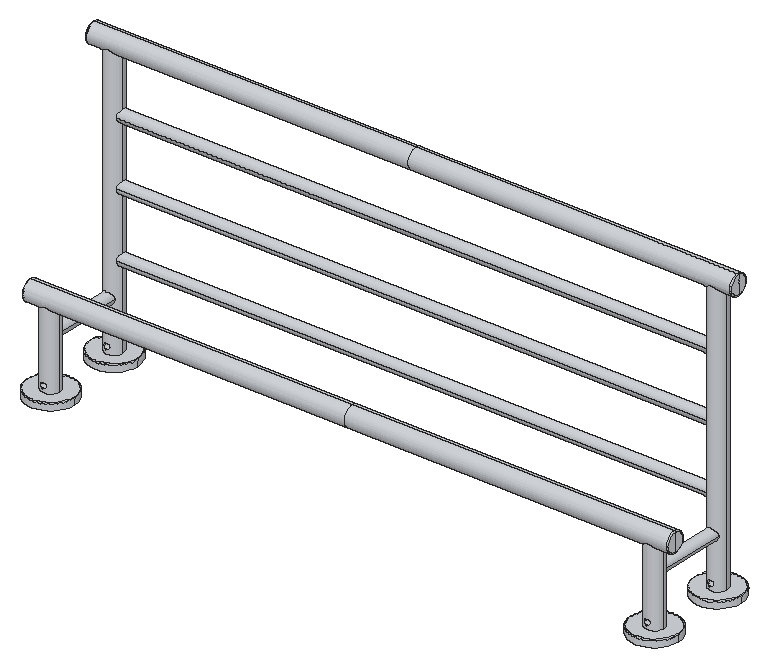
Revit family "Accessory-Towel_Bar-KOHLER-STILLNESS-K-14397T_1", category Specialty Equipment, host Face, Revit 2017
Family settings
  Host = Face
  Round Connector Dimension = Use Diameter
  Part Type = Normal
  OmniClass Number = 23.31.25.00
  Cut with Voids When Loaded = No
  Shared = No
  Room Calculation Point = No
Parameters (values of type "CP-Polished Chrome")
  Width = 24.01575"  # constant formula
  WaterSense Certified = 1 = 0  # no
  URL = "http://www.kohler.com.cn/"
  Type = 1
  Product Page URL = "https://www.kohler.com.cn/product/K-14397T-CP/K-14397T-CP/"
  Product Name = "STILLNESS"  # constant formula
  Product Documentation Link = "https://files.kohler.com.cn/pdfs/inst_stillness.pdf"
  Model = if(Type = 1, "K-14397T-CP", if(Type = 2, "K-14397T-SN", if(Type = 3, "K-14397T-BN", if(Type = 4, "K-14397T-PGD", if(Type = 5, "K-14397T-RGD", if(Type = 6, "K-14397T-BGD", "NA"))))))  # "K-14397T-CP"
  Material = "Solid Metal Construction"  # constant formula
  Master Format 2014 Name = "Toilet, Bath, and Laundry Accessories"  # constant formula
  Master Format 2014 = "10 28 00"  # constant formula
  Manufacturer Address = "Kohler Beijing Office (100016) 36-2-03-B, No. 88, Liuxiang Road, Beijing"  # constant formula
  Manufacturer = "KOHLER Co."  # constant formula
  Length = 11 177/256"  # constant formula
  Height = 3 19/128"  # constant formula
  Finish = Kohler-Metal-CP-Polished_Chrome
  Environmental Product Declaration = ""
  Description = "Double Towel Bar"  # constant formula
  Default Elevation = 42"
  Declare Label = ""
  Date Modified = "09/07/2020"  # constant formula
  Date Created = "09/07/2020"  # constant formula
  Copyright = "Copyright KOHLER Co."  # constant formula
  Contact Us = "http://www.kohler.com.cn/contact/contact-us/"
  Assembly Code = "C1030200"
  ADA Compliant = 1 = 0  # no
Types (7): name | Type | Product Page URL | Model | Finish
  (no name) | 1 | "https://www.kohler.com.cn/product/K-14397T-CP/K-14397T-CP/" | "K-14397T-CP" | Kohler-Metal-CP-Polished_Chrome
  CP-Polished Chrome | 1 | "https://www.kohler.com.cn/product/K-14397T-CP/K-14397T-CP/" | "K-14397T-CP" | Kohler-Metal-CP-Polished_Chrome
  SN-Vibrant_Polished_Nickel | 2 | "https://www.kohler.com.cn/product/K-14397T-CP/K-14397T-SN/" | "K-14397T-SN" | Kohler-Metal-SN-Vibrant_Polished_Nickel
  BN-Vibrant_Brushed_Nickel | 3 | "https://www.kohler.com.cn/product/K-14397T-CP/K-14397T-BN/" | "K-14397T-BN" | Kohler-Metal-BN-Vibrant_Brushed_Nickel
  PGD-Modern_Polished_Gold | 4 | "https://www.kohler.com.cn/product/K-14397T-CP/K-14397T-PGD/" | "K-14397T-PGD" | Kohler-Metal-PGD-Modern_Polished_Gold
  RGD-Polished_Rose_Gold | 5 | "https://www.kohler.com.cn/product/K-14397T-CP/K-14397T-RGD/" | "K-14397T-RGD" | Kohler-Metal-RGD-Polished_Rose_Gold
  BGD-Romankin | 6 | "https://www.kohler.com.cn/product/K-14397T-CP/K-14397T-BGD/" | "K-14397T-BGD" | Kohler-Metal-BGD-Romankin
Reference planes (in)
  plane 1 "Center (Front/Back)": y = 0
  plane 2: z = 0
  plane 3 "Center (Left/Right)": x = 0
  plane 4: x = -12.83398
  plane 5: x = 12.83398
  plane 6: y = 3.14844
  plane 7: z = 11.69141
  plane 8: x = -12.00787
  plane 9: x = -12.95276
  plane 10: x = -11.06299
  plane 11: x = 12.00787
  plane 12: x = 12.95276
  plane 13: x = 11.06299
  plane 14: y = 0.39448
  plane 15: y = -0.39448
  plane 16: y = 3.54409
  plane 17: y = 2.75279
  plane 18: y = 1.5748
  plane 19: y = -0.9448
  plane 20: y = 0.9448
  plane 21: y = 4.09441
  plane 22: y = 2.2048
  plane 23: z = 0.27534
  plane 24: z = 2.2457
  plane 25: z = 3.89764
  plane 26: z = 3.62226
  plane 27: z = 3.50329
  plane 28: z = 6.18119
  plane 29: z = 8.73908
  plane 30: z = 11.29771
  plane 31: x = 12.36219
  plane 32: x = 11.65356
  plane 33: x = -12.36219
  plane 34: x = -11.65356
Dimensions and locks (in)
  equal spacing: plane 4, plane 3 "Center (Left/Right)", plane 5
  "Width": plane 8 to plane 11
  plane 4 to plane 5 = 25 171/256"
  "Height": plane 1 "Center (Front/Back)" to plane 6
  "Length": level to plane 7
  locked: plane 21 to plane 22 at 1.88961
  locked: plane 20 to plane 19 at 1.88961
  plane 25 to level = 3.89764"
  locked: plane 24 to level at 2.2457
  level to plane 27 = 3.50329"
  level to plane 26 = 3.62226"
  level to plane 28 = 6.18119"
  level to plane 29 = 8.73908"
  level to plane 30 = 11.29771"
  aligned and locked: plane 2 to host face
  aligned and locked: level to host face
Automatic sketch dimensions
  host sketch curve to host sketch curve = 96"  (x2)
Nested families (in)
  nested 1: "K-14397T" at (0, 3.14961, 0), type "K-14397T"
Definition of nested family "K-14397T"
  Parameters (values of type "K-14397T")
    Material = none
  Reference planes (in)
    plane 1 "Center (Front/Back)": y = 0
    plane 2: z = 0
    plane 3 "Center (Left/Right)": x = 0
    plane 4: x = -12.00787
    plane 5: x = 12.00787
    plane 6: x = -12.83465
    plane 7: x = 12.83465
    plane 8: z = 11.69291
    plane 9: y = -3.14961
    plane 10: z = 3.89764
    plane 11: x = 12.95276
    plane 12: x = 11.06299
    plane 13: x = -11.06299
    plane 14: x = -12.95276
    plane 15: y = -1.5748
  Forms (in)
    Sweep 1, solid, material <- "Material", detail levels medium+fine
      path origin (0, 0, 0) x (1, 0, 0) y (0, 1, 0)
        loop
          circle (-12.00787, 0) r 0.9252
      profile origin (-12.00787, 0.9252, 0) x (0, -1, 0) y (0, 0, 1)
        loop
          line (-0.0196, 0) -> (0.03171, 0) -> (0.03171, 0.27559) -> (0.00046, 0.27559)
          arc (0.00046, 0.27559) -> (-0.01372, 0.26972) -> (-0.0196, 0.25553) r 0.02006
          line (-0.0196, 0.25553) -> (-0.0196, 0)
    Extrusion 2, solid, material <- "Material", detail levels medium+fine
      sketch origin (0, 0, 0) x (1, 0, 0) y (0, 1, 0)
        loop
          circle (-12.00787, 0) r 0.8935
      from 0 to 0.27559
    Sweep 3, solid, material <- "Material", detail levels medium+fine
      path origin (0, -3.14961, 0) x (1, 0, 0) y (0, -1, 0)
        loop
          circle (-12.00787, 0) r 0.9252
      profile origin (-12.00787, -4.07481, 0) x (0, -1, 0) y (0, 0, 1)
        loop
          line (0.0196, 0) -> (0.0196, 0.25553)
          arc (0.0196, 0.25553) -> (0.01372, 0.26972) -> (-0.00046, 0.27559) r 0.02006
          line (-0.00046, 0.27559) -> (-0.03171, 0.27559) -> (-0.03171, 0) -> (0.0196, 0)
    Extrusion 4, solid, material <- "Material", detail levels medium+fine
      sketch origin (0, -3.14961, 0) x (1, 0, 0) y (0, 1, 0)
        loop
          circle (-12.00787, 0) r 0.8935
      from 0 to 0.27559
    Sweep 5, solid, material <- "Material", detail levels medium+fine
      path origin (0, 0, 0) x (-1, 0, 0) y (0, 1, 0)
        loop
          circle (-12.00787, 0) r 0.9252
      profile origin (12.00787, 0.9252, 0) x (0, 1, 0) y (0, 0, 1)
        loop
          line (0.0196, 0) -> (0.0196, 0.25553)
          arc (0.0196, 0.25553) -> (0.01372, 0.26972) -> (-0.00046, 0.27559) r 0.02006
          line (-0.00046, 0.27559) -> (-0.03171, 0.27559) -> (-0.03171, 0) -> (0.0196, 0)
    Extrusion 6, solid, material <- "Material", detail levels medium+fine
      sketch origin (0, 0, 0) x (-1, 0, 0) y (0, -1, 0)
        loop
          circle (-12.00787, 0) r 0.8935
      from 0 to 0.27559
    Sweep 7, solid, material <- "Material", detail levels medium+fine
      path origin (0, -3.14961, 0) x (-1, 0, 0) y (0, -1, 0)
        loop
          circle (-12.00787, 0) r 0.9252
      profile origin (12.00787, -4.07481, 0) x (0, 1, 0) y (0, 0, 1)
        loop
          line (-0.0196, 0) -> (0.03171, 0) -> (0.03171, 0.27559) -> (0.00046, 0.27559)
          arc (0.00046, 0.27559) -> (-0.01372, 0.26972) -> (-0.0196, 0.25553) r 0.02006
          line (-0.0196, 0.25553) -> (-0.0196, 0)
    Extrusion 8, solid, material <- "Material", detail levels medium+fine
      sketch origin (0, -3.14961, 0) x (-1, 0, 0) y (0, -1, 0)
        loop
          circle (-12.00787, 0) r 0.8935
      from 0 to 0.27559
    Extrusion 9, solid, material <- "Material", detail levels medium+fine
      sketch origin (0, 0, 0) x (1, 0, 0) y (0, 1, 0)
        loop
          circle (-12.00787, 0) r 0.35552
        loop
          circle (12.00787, 0) r 0.35552
      from 0 to 11.22104
    Extrusion 10, solid, material <- "Material", detail levels medium+fine
      sketch origin (0, 0, 0) x (1, 0, 0) y (0, 1, 0)
        loop
          circle (-12.00787, -3.14961) r 0.35547
        loop
          circle (12.00787, -3.14961) r 0.35547
      from 0 to 3.44147
    Extrusion 11, solid, material <- "Material", detail levels medium+fine
      sketch origin (0, 0, 0) x (1, 0, 0) y (0, 0, 1)
        loop
          circle (-12.00787, 2.24453) r 0.23999
        loop
          circle (12.00787, 2.24453) r 0.23999
      from 0 to 3.14961
    Extrusion 12, solid, material <- "Material", detail levels medium+fine
      sketch origin (0, 0, 0) x (0, 1, 0) y (0, 0, 1)
        loop
          circle (0, 8.73908) r 0.24265
        loop
          circle (0, 6.18119) r 0.24088
        loop
          circle (0, 3.62226) r 0.24097
      from -12.16535 to 12
    Extrusion 13, void
      sketch origin (0, 0, 0) x (1, 0, 0) y (0, 0, 1)
        loop
          circle (-12.00787, 0.52931) r 0.1209
      from 3.2322 to 4.09836
    Extrusion 14, void
      sketch origin (0, -4.13442, 0.00021) x (1, 0, 0) y (0, 0, -1)
        loop
          circle (-12.00787, -0.52931) r 0.1209
      from 3.2322 to 4.09836
    Extrusion 15, void
      sketch origin (0, 0, 0) x (-1, 0, 0) y (0, 0, -1)
        loop
          circle (-12.00787, -0.52931) r 0.1209
      from 3.2322 to 4.09836
    Extrusion 16, void
      sketch origin (0, -4.13442, 0.00021) x (-1, 0, 0) y (0, 0, 1)
        loop
          circle (-12.00787, 0.52931) r 0.1209
      from 3.2322 to 4.09836
    Revolve 17, solid, material <- "Material", detail levels medium+fine
      sketch origin (0, 0, 0) x (1, 0, 0) y (0, 0, 1)
        loop
          line (0, 11.69291) -> (-12.79563, 11.69291)
          arc (-12.79563, 11.69291) -> (-12.82322, 11.68149) -> (-12.83465, 11.6539) r 0.03902
          line (-12.83465, 11.6539) -> (-12.83465, 11.29922) -> (0, 11.29922) -> (12.83465, 11.29922) -> (12.83465, 11.6539)
          arc (12.83465, 11.6539) -> (12.82322, 11.68149) -> (12.79563, 11.69291) r 0.03902
          line (12.79563, 11.69291) -> (0, 11.69291)
        axis (12.83465, 11.29922) -> (-12.83465, 11.29922)
      angle from 0 to 360
    Revolve 18, solid, material <- "Material", detail levels medium+fine
      sketch origin (0, -3.14961, 12.91368) x (0, 0, 1) y (-1, 0, 0)
        loop
          line (-9.01604, 0.00225) -> (-9.01604, 12.79558)
          arc (-9.01604, 12.79558) -> (-9.02748, 12.8232) -> (-9.0551, 12.83465) r 0.03906
          line (-9.0551, 12.83465) -> (-9.41048, 12.83465) -> (-9.41048, 0) -> (-9.41048, -12.83465) -> (-9.0551, -12.83465)
          arc (-9.0551, -12.83465) -> (-9.02748, -12.8232) -> (-9.01604, -12.79558) r 0.03906
          line (-9.01604, -12.79558) -> (-9.01604, 0.00225)
        axis (-9.41048, -12.83465) -> (-9.41048, 12.83465)
      angle from 0 to 360
    Extrusion 19, solid, material <- "Material", detail levels coarse
      sketch origin (0, 0, 0) x (1, 0, 0) y (0, 1, 0)
        loop
          arc (-11.14937, 0.39448) -> (-12.20978, 0.92298) -> (-12.95268, 0) r 0.9448
          arc (-12.95268, 0) -> (-12.75585, -0.57723) -> (-12.24736, -0.91395) r 0.9448
          arc (-12.24736, -0.91395) -> (-12.00787, -0.9448) -> (-11.76838, -0.91395) r 0.9448
          arc (-11.76838, -0.91395) -> (-11.40054, -0.72374) -> (-11.14937, -0.39448) r 0.9448
          arc (-11.14937, -0.39448) -> (-11.06307, 0) -> (-11.14937, 0.39448) r 0.9448
        loop
          arc (-11.14937, -3.54409) -> (-11.06307, -3.14961) -> (-11.14937, -2.75512) r 0.9448
          arc (-11.14937, -2.75512) -> (-11.40054, -2.42587) -> (-11.76838, -2.23566) r 0.9448
          arc (-11.76838, -2.23566) -> (-12.00787, -2.2048) -> (-12.24736, -2.23566) r 0.9448
          arc (-12.24736, -2.23566) -> (-12.75585, -2.57238) -> (-12.95268, -3.14961) r 0.9448
          arc (-12.95268, -3.14961) -> (-12.20978, -4.07258) -> (-11.14937, -3.54409) r 0.9448
        loop
          arc (11.14937, 0.39448) -> (11.06307, 0) -> (11.14937, -0.39448) r 0.9448
          arc (11.14937, -0.39448) -> (11.40054, -0.72374) -> (11.76838, -0.91395) r 0.9448
          arc (11.76838, -0.91395) -> (12.00787, -0.9448) -> (12.24736, -0.91395) r 0.9448
          arc (12.24736, -0.91395) -> (12.75585, -0.57723) -> (12.95268, 0) r 0.9448
          arc (12.95268, 0) -> (12.20978, 0.92298) -> (11.14937, 0.39448) r 0.9448
        loop
          arc (11.14937, -3.54409) -> (12.20978, -4.07258) -> (12.95268, -3.14961) r 0.9448
          arc (12.95268, -3.14961) -> (12.75585, -2.57238) -> (12.24736, -2.23566) r 0.9448
          arc (12.24736, -2.23566) -> (12.00787, -2.2048) -> (11.76838, -2.23566) r 0.9448
          arc (11.76838, -2.23566) -> (11.40054, -2.42587) -> (11.14937, -2.75512) r 0.9448
          arc (11.14937, -2.75512) -> (11.06307, -3.14961) -> (11.14937, -3.54409) r 0.9448
      from 0 to 0.27559
    Extrusion 20, solid, material <- "Material", detail levels coarse
      sketch origin (0, 0, 0) x (1, 0, 0) y (0, 1, 0)
        loop
          circle (-12.00787, 0) r 0.35552
        loop
          circle (12.00787, 0) r 0.35552
      from 0 to 11.21866
    Extrusion 21, solid, material <- "Material", detail levels coarse
      sketch origin (0, 0, 0) x (1, 0, 0) y (0, 1, 0)
        loop
          circle (-12.00787, -3.14961) r 0.35547
        loop
          circle (12.00787, -3.14961) r 0.35547
      from 0 to 3.4665
    Extrusion 22, solid, material <- "Material", detail levels coarse
      sketch origin (0, 0, 0) x (1, 0, 0) y (0, 0, 1)
        loop
          circle (-12.00787, 2.24453) r 0.23999
        loop
          circle (12.00787, 2.24453) r 0.23999
      from 0 to 3.14961
    Extrusion 23, solid, material <- "Material", detail levels coarse
      sketch origin (0, 0, 0) x (0, 1, 0) y (0, 0, 1)
        loop
          arc (0.3937, 11.29922) -> (0, 11.69291) -> (-0.3937, 11.29922) r 0.3937
          arc (-0.3937, 11.29922) -> (-0.38399, 11.21233) -> (-0.35534, 11.12973) r 0.3937
          arc (-0.35534, 11.12973) -> (0, 10.90552) -> (0.35534, 11.12973) r 0.3937
          arc (0.35534, 11.12973) -> (0.38399, 11.21233) -> (0.3937, 11.29922) r 0.3937
        loop
          arc (-2.75508, 3.50329) -> (-3.14961, 3.89782) -> (-3.54414, 3.50329) r 0.39453
          arc (-3.54414, 3.50329) -> (-3.53288, 3.40972) -> (-3.49976, 3.3215) r 0.39453
          arc (-3.49976, 3.3215) -> (-3.14961, 3.10876) -> (-2.79946, 3.3215) r 0.39453
          arc (-2.79946, 3.3215) -> (-2.76633, 3.40972) -> (-2.75508, 3.50329) r 0.39453
      from -12.83465 to 12.83465
    Extrusion 24, solid, material <- "Material", detail levels coarse
      sketch origin (0, 0, 0) x (0, 1, 0) y (0, 0, 1)
        loop
          circle (0, 8.73908) r 0.24265
        loop
          circle (0, 6.18119) r 0.24088
        loop
          circle (0, 3.62226) r 0.24097
      from -12.00787 to 12.00787
  Cuts and joins
    Extrusion 14, Extrusion 15, Extrusion 16 cuts Sweep 1
    Extrusion 14, Extrusion 15, Extrusion 16 cuts Extrusion 2
    Extrusion 14, Extrusion 15, Extrusion 16 cuts Sweep 3
    Extrusion 14, Extrusion 15, Extrusion 16 cuts Extrusion 4
    Extrusion 14, Extrusion 15, Extrusion 16 cuts Sweep 5
    Extrusion 14, Extrusion 15, Extrusion 16 cuts Extrusion 6
    Extrusion 14, Extrusion 15, Extrusion 16 cuts Sweep 7
    Extrusion 14, Extrusion 15, Extrusion 16 cuts Extrusion 8
    Extrusion 14, Extrusion 15, Extrusion 16 cuts Extrusion 9
    Extrusion 13, Extrusion 14, Extrusion 15, Extrusion 16 cuts Extrusion 10
    Extrusion 14, Extrusion 15, Extrusion 16 cuts Extrusion 11
    Extrusion 14, Extrusion 15, Extrusion 16 cuts Extrusion 12
    joined: Sweep 1, Extrusion 2, Sweep 3, Extrusion 4, Sweep 5, Extrusion 6, Sweep 7, Extrusion 8, Extrusion 9, Extrusion 10, Extrusion 11, Extrusion 12, Revolve 17, Revolve 18
    joined: Extrusion 19, Extrusion 20, Extrusion 21, Extrusion 22, Extrusion 23, Extrusion 24
  Lines and regions (in)
    Masking region 1
      outline origin (0, 0, 0) x (1, 0, 0) y (0, 0, 1)
        loop
          line (-12.95268, 0) -> (-11.06307, 0) -> (-11.06307, 0.2553)
          arc (-11.06307, 0.2553) -> (-11.07034, 0.27089) -> (-11.08695, 0.27534) r 0.02035
          line (-11.08695, 0.27534) -> (-11.65241, 0.27534) -> (-11.65241, 3.10876) -> (0, 3.10876) -> (11.65241, 3.10876) -> (11.65241, 0.27534) -> (11.08695, 0.27534)
          arc (11.08695, 0.27534) -> (11.07034, 0.27089) -> (11.06307, 0.2553) r 0.02035
          line (11.06307, 0.2553) -> (11.06307, 0) -> (12.95268, 0) -> (12.95268, 0.2553)
          arc (12.95268, 0.2553) -> (12.94541, 0.27089) -> (12.92879, 0.27534) r 0.02035
          line (12.92879, 0.27534) -> (12.36219, 0.27534) -> (12.36219, 3.10876) -> (12.79558, 3.10876)
          arc (12.79558, 3.10876) -> (12.8232, 3.1202) -> (12.83465, 3.14782) r 0.03906
          line (12.83465, 3.14782) -> (12.83465, 3.85876)
          arc (12.83465, 3.85876) -> (12.8232, 3.88638) -> (12.79558, 3.89782) r 0.03906
          line (12.79558, 3.89782) -> (12.36408, 3.89782) -> (12.36408, 10.90552) -> (12.79558, 10.90552)
          arc (12.79558, 10.90552) -> (12.8232, 10.91696) -> (12.83465, 10.94459) r 0.03906
          line (12.83465, 10.94459) -> (12.83465, 11.65385)
          arc (12.83465, 11.65385) -> (12.8232, 11.68147) -> (12.79558, 11.69291) r 0.03906
          line (12.79558, 11.69291) -> (0, 11.69291) -> (-12.79558, 11.69291)
          arc (-12.79558, 11.69291) -> (-12.8232, 11.68147) -> (-12.83465, 11.65385) r 0.03906
          line (-12.83465, 11.65385) -> (-12.83465, 10.94459)
          arc (-12.83465, 10.94459) -> (-12.8232, 10.91696) -> (-12.79558, 10.90552) r 0.03906
          line (-12.79558, 10.90552) -> (-12.36408, 10.90552) -> (-12.36408, 3.89782) -> (-12.79558, 3.89782)
          arc (-12.79558, 3.89782) -> (-12.8232, 3.88638) -> (-12.83465, 3.85876) r 0.03906
          line (-12.83465, 3.85876) -> (-12.83465, 3.14782)
          arc (-12.83465, 3.14782) -> (-12.8232, 3.1202) -> (-12.79558, 3.10876) r 0.03906
          line (-12.79558, 3.10876) -> (-12.36219, 3.10876) -> (-12.36219, 0.27534) -> (-12.92879, 0.27534)
          arc (-12.92879, 0.27534) -> (-12.94541, 0.27089) -> (-12.95268, 0.2553) r 0.02035
          line (-12.95268, 0.2553) -> (-12.95268, 0)
        loop
          line (-11.65235, 10.90552) -> (-11.65235, 8.98173) -> (0, 8.98173) -> (11.65235, 8.98173) -> (11.65235, 10.90552) -> (0, 10.90552) -> (-11.65235, 10.90552)
        loop
          line (-11.65235, 8.49643) -> (-11.65235, 6.42207) -> (0, 6.42207) -> (11.65235, 6.42207) -> (11.65235, 8.49643) -> (0, 8.49643) -> (-11.65235, 8.49643)
        loop
          line (0.00225, 3.89448) -> (-11.65235, 3.89448) -> (-11.65235, 5.94031) -> (0, 5.94031) -> (11.65235, 5.94031) -> (11.65235, 3.89764) -> (-0.00225, 3.89764)
    Masking region 2
      outline origin (0, 0, 0) x (0, 1, 0) y (0, 0, 1)
        loop
          arc (0.3937, 11.29922) -> (0, 11.69291) -> (-0.3937, 11.29922) r 0.3937
          arc (-0.3937, 11.29922) -> (-0.38399, 11.21233) -> (-0.35534, 11.12973) r 0.3937
          line (-0.35534, 11.12973) -> (-0.35534, 2.48539) -> (-2.79946, 2.48539) -> (-2.79946, 3.3215)
          arc (-2.79946, 3.3215) -> (-2.76633, 3.40972) -> (-2.75508, 3.50329) r 0.39453
          arc (-2.75508, 3.50329) -> (-3.14961, 3.89782) -> (-3.54414, 3.50329) r 0.39453
          arc (-3.54414, 3.50329) -> (-3.53489, 3.41836) -> (-3.50757, 3.33741) r 0.39453
          line (-3.50757, 3.33741) -> (-3.50757, 0.65928)
          arc (-3.50757, 0.65928) -> (-3.48475, 0.53428) -> (-3.50757, 0.40928) r 0.35381
          line (-3.50757, 0.40928) -> (-3.50757, 0.27559) -> (-4.07353, 0.27559)
          arc (-4.07353, 0.27559) -> (-4.08829, 0.26947) -> (-4.09441, 0.25471) r 0.02088
          line (-4.09441, 0.25471) -> (-4.09441, 0) -> (-2.2048, 0) -> (-2.2048, 0.25471)
          arc (-2.2048, 0.25471) -> (-2.21092, 0.26947) -> (-2.22568, 0.27559) r 0.02088
          line (-2.22568, 0.27559) -> (-2.79946, 0.27559) -> (-2.79946, 2.00602) -> (-0.35534, 2.00602) -> (-0.35534, 0.27613) -> (-0.92034, 0.27613)
          arc (-0.92034, 0.27613) -> (-0.93736, 0.27157) -> (-0.9448, 0.2556) r 0.02084
          line (-0.9448, 0.2556) -> (-0.9448, 0) -> (0.9448, 0) -> (0.9448, 0.2556)
          arc (0.9448, 0.2556) -> (0.93736, 0.27157) -> (0.92034, 0.27613) r 0.02084
          line (0.92034, 0.27613) -> (0.35534, 0.27613) -> (0.35534, 11.12973)
          arc (0.35534, 11.12973) -> (0.38399, 11.21233) -> (0.3937, 11.29922) r 0.3937
    Masking region 3
      outline origin (0, 0, 0) x (1, 0, 0) y (0, 1, 0)
        loop
          arc (-12.95268, 0) -> (-12.75585, -0.57723) -> (-12.24736, -0.91395) r 0.9448
          line (-12.24736, -0.91395) -> (-12.24736, -2.23566)
          arc (-12.24736, -2.23566) -> (-12.75585, -2.57238) -> (-12.95268, -3.14961) r 0.9448
          arc (-12.95268, -3.14961) -> (-12.20978, -4.07258) -> (-11.14937, -3.54409) r 0.9448
          line (-11.14937, -3.54409) -> (0, -3.54409) -> (11.14937, -3.54409)
          arc (11.14937, -3.54409) -> (12.20978, -4.07258) -> (12.95268, -3.14961) r 0.9448
          arc (12.95268, -3.14961) -> (12.75585, -2.57238) -> (12.24736, -2.23566) r 0.9448
          line (12.24736, -2.23566) -> (12.24736, -0.91395)
          arc (12.24736, -0.91395) -> (12.75585, -0.57723) -> (12.95268, 0) r 0.9448
          arc (12.95268, 0) -> (12.20978, 0.92298) -> (11.14937, 0.39448) r 0.9448
          line (11.14937, 0.39448) -> (0, 0.39448) -> (-11.14937, 0.39448)
          arc (-11.14937, 0.39448) -> (-12.20978, 0.92298) -> (-12.95268, 0) r 0.9448
        loop
          line (0, -0.39448) -> (-11.14937, -0.39448)
          arc (-11.14937, -0.39448) -> (-11.40054, -0.72374) -> (-11.76838, -0.91395) r 0.9448
          line (-11.76838, -0.91395) -> (-11.76838, -2.23566)
          arc (-11.76838, -2.23566) -> (-11.40054, -2.42587) -> (-11.14937, -2.75512) r 0.9448
          line (-11.14937, -2.75512) -> (0, -2.75512) -> (11.14937, -2.75512)
          arc (11.14937, -2.75512) -> (11.40054, -2.42587) -> (11.76838, -2.23566) r 0.9448
          line (11.76838, -2.23566) -> (11.76838, -0.91395)
          arc (11.76838, -0.91395) -> (11.40054, -0.72374) -> (11.14937, -0.39448) r 0.9448
          line (11.14937, -0.39448) -> (0, -0.39448)
    symbolic lines, detail levels medium+fine
      curve 1: arc (-12.36408, 0, 10.90552) -> (-12.00821, 0, 11.12867) -> (-11.65235, 0, 10.90552) r 0.39533
      curve 2: arc (-11.65235, 0, 8.98173) -> (-11.74803, 0, 8.73908) -> (-11.65235, 0, 8.49643) r 0.35552
      curve 3: arc (-11.65235, 0, 6.42207) -> (-11.74639, 0, 6.18119) -> (-11.65235, 0, 5.94031) r 0.35552
      curve 4: line (-12.36219, 0, 0.27534) -> (-11.65241, 0, 0.27534)
      curve 5: arc (12.36408, 0, 10.90552) -> (12.00821, 0, 11.12867) -> (11.65235, 0, 10.90552) r 0.39533
      curve 6: arc (11.65235, 0, 8.98173) -> (11.74803, 0, 8.73908) -> (11.65235, 0, 8.49643) r 0.35552
      curve 7: arc (11.65235, 0, 6.42207) -> (11.74639, 0, 6.18119) -> (11.65235, 0, 5.94031) r 0.35552
      curve 8: line (12.36219, 0, 0.27534) -> (11.65241, 0, 0.27534)
      curve 9: arc (0, -0.35534, 11.12973) -> (0, 0, 10.90552) -> (0, 0.35534, 11.12973) r 0.3937
      curve 10: arc (0, -2.79946, 3.3215) -> (0, -3.14961, 3.10876) -> (0, -3.49976, 3.3215) r 0.39453
      curve 11: arc (0, -2.79946, 2.48539) -> (0, -2.88738, 2.2457) -> (0, -2.79946, 2.00602) r 0.37065
      curve 12: arc (0, -0.35534, 2.48539) -> (0, -0.2623, 2.2457) -> (0, -0.35534, 2.00602) r 0.35524
      curve 13: line (0, 0.35534, 0.27613) -> (0, -0.39466, 0.27613)
      curve 14: line (0, -2.79414, 0.27559) -> (0, -3.50508, 0.27559)
      curve 15: line (-11.14937, 0.39448, 0) -> (-12.79413, 0.39448, 0)
      curve 16: line (-12.83465, 0.35396, 0) -> (-12.83465, 0, 0)
      curve 17: arc (-12.79413, 0.39448, 0) -> (-12.82278, 0.38261, 0) -> (-12.83465, 0.35396, 0) r 0.04052
      curve 18: line (-11.14937, -0.39448, 0) -> (-12.79413, -0.39448, 0)
      curve 19: line (-12.83465, -0.35396, 0) -> (-12.83465, 0, 0)
      curve 20: arc (-12.79413, -0.39448, 0) -> (-12.82278, -0.38261, 0) -> (-12.83465, -0.35396, 0) r 0.04052
      curve 21: line (-12.24736, -0.91395, 0) -> (-12.24736, -0.39448, 0)
      curve 22: line (-11.76838, -0.91395, 0) -> (-11.76838, -0.39448, 0)
      curve 23: line (-11.14937, -3.54409, 0) -> (-12.79413, -3.54409, 0)
      curve 24: line (-12.83465, -3.50357, 0) -> (-12.83465, -3.14961, 0)
      curve 25: arc (-12.79413, -3.54409, 0) -> (-12.82278, -3.53222, 0) -> (-12.83465, -3.50357, 0) r 0.04052
      curve 26: line (-11.14937, -2.75512, 0) -> (-12.79413, -2.75512, 0)
      curve 27: line (-12.83465, -2.79564, 0) -> (-12.83465, -3.14961, 0)
      curve 28: arc (-12.79413, -2.75512, 0) -> (-12.82278, -2.76699, 0) -> (-12.83465, -2.79564, 0) r 0.04052
      curve 29: line (-12.24736, -2.23566, 0) -> (-12.24736, -2.75512, 0)
      curve 30: line (-11.76838, -2.23566, 0) -> (-11.76838, -2.75512, 0)
      curve 31: line (11.14937, 0.39448, 0) -> (12.79413, 0.39448, 0)
      curve 32: line (12.83465, 0.35396, 0) -> (12.83465, 0, 0)
      curve 33: arc (12.79413, 0.39448, 0) -> (12.82278, 0.38261, 0) -> (12.83465, 0.35396, 0) r 0.04052
      curve 34: line (11.14937, -0.39448, 0) -> (12.79413, -0.39448, 0)
      curve 35: line (12.83465, -0.35396, 0) -> (12.83465, 0, 0)
      curve 36: arc (12.79413, -0.39448, 0) -> (12.82278, -0.38261, 0) -> (12.83465, -0.35396, 0) r 0.04052
      curve 37: line (12.24736, -0.91395, 0) -> (12.24736, -0.39448, 0)
      curve 38: line (11.76838, -0.91395, 0) -> (11.76838, -0.39448, 0)
      curve 39: line (11.14937, -3.54409, 0) -> (12.79413, -3.54409, 0)
      curve 40: line (12.83465, -3.50357, 0) -> (12.83465, -3.14961, 0)
      curve 41: arc (12.79413, -3.54409, 0) -> (12.82278, -3.53222, 0) -> (12.83465, -3.50357, 0) r 0.04052
      curve 42: line (11.14937, -2.75512, 0) -> (12.79413, -2.75512, 0)
      curve 43: line (12.83465, -2.79564, 0) -> (12.83465, -3.14961, 0)
      curve 44: arc (12.79413, -2.75512, 0) -> (12.82278, -2.76699, 0) -> (12.83465, -2.79564, 0) r 0.04052
      curve 45: line (12.24736, -2.23566, 0) -> (12.24736, -2.75512, 0)
      curve 46: line (11.76838, -2.23566, 0) -> (11.76838, -2.75512, 0)
      curve 47: line (11.65235, -3.14961, 3.38128) -> (0, -3.14961, 3.38128)
      curve 48: line (11.65235, -3.14961, 3.38128) -> (11.65235, -3.14961, 3.10939)
      curve 49: arc (11.65235, -3.14961, 3.86323) -> (11.74647, -3.14961, 3.62226) -> (11.65235, -3.14961, 3.38128) r 0.35552
      curve 50: line (11.65235, -3.14961, 3.86323) -> (11.65235, -3.14961, 3.89782)
      curve 51: line (-11.65235, -3.14961, 3.38128) -> (0, -3.14961, 3.38128)
      curve 52: line (-11.65235, -3.14961, 3.38128) -> (-11.65235, -3.14961, 3.10939)
      curve 53: arc (-11.65235, -3.14961, 3.86323) -> (-11.74647, -3.14961, 3.62226) -> (-11.65235, -3.14961, 3.38128) r 0.35552
      curve 54: line (-11.65235, -3.14961, 3.86323) -> (-11.65235, -3.14961, 3.89782)
      curve 55: line (-11.65235, -3.14961, 3.86323) -> (11.65235, -3.14961, 3.86323)
      curve 56: line (-12.36408, -3.14961, 3.89782) -> (-12.36408, -3.14961, 3.10876)
      curve 57: line (12.36408, -3.14961, 3.89782) -> (12.36219, -3.14961, 3.10876)
  Dimensions and locks (in)
    equal spacing: plane 5, plane 3 "Center (Left/Right)", plane 4
    aligned and locked: plane 2 to level
  Automatic sketch dimensions
    plane 1 "Center (Front/Back)" to Sweep 1 sketch curve = 0"
    Sweep 1 sketch curve to plane 4 = 0"
    Sweep 1 sketch curve to level = 0"
    profile plane to Sweep 1 sketch curve = 0.0196"
    Sweep 1 sketch curve to profile plane = 0.00046"
    Sweep 1 sketch curve to profile plane = 0.03171"
    level to Sweep 1 sketch curve = 0.25553"
    Extrusion 2 sketch curve to Extrusion 2 sketch curve = 0"  (x2)
    plane 1 "Center (Front/Back)" to Extrusion 2 sketch curve = 0"
    Extrusion 2 sketch curve to plane 4 = 0"
    Extrusion 2 sketch curve to plane 14 = 0.05139"
    Sweep 3 sketch curve to plane 4 = 0"
    plane 9 to Sweep 3 sketch curve = 0"
    Sweep 3 sketch curve to level = 0"
    profile plane to Sweep 3 sketch curve = 0.03171"
    profile plane to Sweep 3 sketch curve = 0.00046"
    Sweep 3 sketch curve to profile plane = 0.0196"
    level to Sweep 3 sketch curve = 0.25553"
    Extrusion 4 sketch curve to Extrusion 4 sketch curve = 0"  (x2)
    plane 9 to Extrusion 4 sketch curve = 0"
    Extrusion 4 sketch curve to plane 4 = 0"
    plane 14 to Extrusion 4 sketch curve = 0.05139"
    plane 1 "Center (Front/Back)" to Sweep 5 sketch curve = 0"
    Sweep 5 sketch curve to plane 5 = 0"
    Sweep 5 sketch curve to level = 0"
    profile plane to Sweep 5 sketch curve = 0.03171"
    profile plane to Sweep 5 sketch curve = 0.00046"
    Sweep 5 sketch curve to profile plane = 0.0196"
    level to Sweep 5 sketch curve = 0.25553"
    Extrusion 6 sketch curve to Extrusion 6 sketch curve = 0"  (x2)
    plane 1 "Center (Front/Back)" to Extrusion 6 sketch curve = 0"
    Extrusion 6 sketch curve to plane 5 = 0"
    plane 11 to Extrusion 6 sketch curve = 0.05139"
    Sweep 7 sketch curve to plane 5 = 0"
    plane 9 to Sweep 7 sketch curve = 0"
    Sweep 7 sketch curve to level = 0"
    profile plane to Sweep 7 sketch curve = 0.0196"
    Sweep 7 sketch curve to profile plane = 0.00046"
    Sweep 7 sketch curve to profile plane = 0.03171"
    level to Sweep 7 sketch curve = 0.25553"
    Extrusion 8 sketch curve to Extrusion 8 sketch curve = 0"  (x2)
    plane 9 to Extrusion 8 sketch curve = 0"
    Extrusion 8 sketch curve to plane 5 = 0"
    Extrusion 8 sketch curve to plane 11 = 0.05139"
    plane 1 "Center (Front/Back)" to Extrusion 9 sketch curve = 0"  (x2)
    Extrusion 9 sketch curve to plane 4 = 0"
    Extrusion 9 sketch curve to plane 5 = 0"
    Extrusion 10 sketch curve to plane 4 = 0"
    Extrusion 10 sketch curve to plane 5 = 0"
    plane 9 to Extrusion 10 sketch curve = 0"  (x2)
    Extrusion 11 sketch curve to plane 4 = 0"
    plane 5 to Extrusion 11 sketch curve = 0"
    Extrusion 11 sketch curve to plane 10 = 1.6531"  (x2)
    Extrusion 12 sketch curve to plane 1 "Center (Front/Back)" = 0"  (x3)
    Extrusion 12 sketch curve to plane 10 = 0.27538"
    plane 10 to Extrusion 12 sketch curve = 2.28355"
    Extrusion 12 sketch curve to Extrusion 12 sketch curve = 2.55789"
    Extrusion 13 sketch curve to plane 4 = 0"
    level to Extrusion 13 sketch curve = 0.52931"
    Extrusion 14 sketch curve to plane 4 = 0"
    level to Extrusion 14 sketch curve = 0.52952"
    plane 5 to Extrusion 15 sketch curve = 0"
    Extrusion 15 sketch curve to level = 0.52931"
    plane 5 to Extrusion 16 sketch curve = 0"
    level to Extrusion 16 sketch curve = 0.52952"
    curve 1 to plane 4 = 0.00034"
    curve 2 to plane 13 = 0.32951"
    curve 3 to plane 13 = 0.32787"
    curve 7 to plane 12 = 0.32787"
    curve 6 to plane 12 = 0.32951"
    curve 5 to plane 5 = 0.00034"
    plane 10 to curve 3 = 2.28355"
    plane 10 to curve 7 = 2.28355"
    curve 3 to curve 2 = 2.55789"
    curve 7 to curve 6 = 2.55789"
    curve 5 to plane 8 = 0.95958"
    curve 1 to plane 8 = 0.95958"
    curve 4 to plane 4 = 0.35431"
    curve 1 to plane 4 = 0.3562"
    plane 4 to curve 4 = 91/256"
    plane 4 to curve 2 = 0.35552"  (x2)
    plane 4 to curve 3 = 0.35552"  (x2)
    plane 4 to curve 1 = 0.35552"
    plane 5 to curve 6 = 0.35552"  (x2)
    plane 5 to curve 7 = 0.35552"  (x2)
    plane 5 to curve 5 = 0.35552"
    plane 5 to curve 8 = 91/256"
    curve 8 to plane 5 = 0.35431"
    curve 5 to plane 5 = 0.3562"
    level to curve 4 = 0.27534"
    level to curve 8 = 0.27534"
    curve 3 to curve 3 = 0.24088"
    curve 7 to curve 7 = 0.24088"
    curve 2 to curve 2 = 0.24265"
    curve 6 to curve 6 = 0.24265"
    curve 1 to curve 1 = 0.17219"
    curve 5 to curve 5 = 0.17219"
    Masking region 2 sketch curve to level = 0"  (x2)
    Masking region 2 sketch curve to plane 9 = 0"
    Masking region 2 sketch curve to plane 1 "Center (Front/Back)" = 0"
    plane 9 to Masking region 2 sketch curve = 0.35796"
    Masking region 2 sketch curve to Masking region 2 sketch curve = 0.33099"
    Masking region 2 sketch curve to Masking region 2 sketch curve = 0.23497"
    Masking region 2 sketch curve to Masking region 2 sketch curve = 0.02088"  (x2)
    Masking region 2 sketch curve to plane 9 = 0.35015"  (x2)
    level to Masking region 2 sketch curve = 0.25471"  (x2)
    Masking region 2 sketch curve to Masking region 2 sketch curve = 0.57377"
    plane 15 to Masking region 2 sketch curve = 0.63"
    Masking region 2 sketch curve to Masking region 2 sketch curve = 0.02084"  (x2)
    Masking region 2 sketch curve to Masking region 2 sketch curve = 0.00362"  (x2)
    plane 1 "Center (Front/Back)" to Masking region 2 sketch curve = 0.35534"  (x2)
    Masking region 2 sketch curve to plane 1 "Center (Front/Back)" = 0.35534"
    level to Masking region 2 sketch curve = 0.27613"
    Masking region 2 sketch curve to Masking region 2 sketch curve = 0.565"
    level to Masking region 2 sketch curve = 0.2556"
    Masking region 2 sketch curve to Masking region 2 sketch curve = 0.13369"
    Masking region 2 sketch curve to Masking region 2 sketch curve = 0.25869"
    Masking region 2 sketch curve to Masking region 2 sketch curve = 1.73043"
    Masking region 2 sketch curve to Masking region 2 sketch curve = 0.47936"
    Masking region 2 sketch curve to plane 10 = 0.39435"
    Masking region 2 sketch curve to plane 8 = 0.3937"
    Masking region 2 sketch curve to Masking region 2 sketch curve = 0.03657"
    Masking region 2 sketch curve to Masking region 2 sketch curve = 0.03835"
    Masking region 2 sketch curve to Masking region 2 sketch curve = 0.16588"
    Masking region 2 sketch curve to Masking region 2 sketch curve = 0"  (x4)
    curve 10 to plane 9 = 0"
    curve 9 to plane 1 "Center (Front/Back)" = 0"
    curve 11 to plane 9 = 0.63288"
    plane 1 "Center (Front/Back)" to curve 12 = 0.61754"
    curve 12 to plane 10 = 1.65193"
    curve 11 to plane 10 = 1.65193"
    curve 10 to plane 10 = 0.39435"
    curve 9 to plane 8 = 0.3937"
    plane 9 to curve 10 = 0.35015"
    plane 9 to curve 14 = 91/256"
    curve 10 to plane 9 = 0.35015"
    curve 11 to plane 9 = 0.35015"  (x2)
    curve 14 to plane 9 = 91/256"
    plane 1 "Center (Front/Back)" to curve 13 = 0.39466"
    curve 12 to curve 12 = 0.2622"  (x2)
    plane 1 "Center (Front/Back)" to curve 9 = 0.35534"
    curve 9 to plane 1 "Center (Front/Back)" = 0.35534"
    curve 13 to plane 1 "Center (Front/Back)" = 0.35534"
    curve 11 to curve 11 = 0.23968"
    curve 12 to curve 12 = 0.23968"
    level to curve 13 = 0.27613"
    level to curve 14 = 0.27559"
    curve 10 to curve 10 = 0.18179"
    curve 9 to curve 9 = 0.16949"
    Revolve 17 sketch curve to plane 6 = 0"
    Revolve 17 sketch curve to plane 8 = 0"
    Revolve 17 sketch curve to plane 3 "Center (Left/Right)" = 0"  (x2)
    plane 7 to Revolve 17 sketch curve = 0"
    plane 6 to Revolve 17 sketch curve = 0.03902"
    plane 7 to Revolve 17 sketch curve = 0.03902"
    Revolve 17 sketch curve to Revolve 17 sketch curve = 0.35468"
    Revolve 17 sketch curve to plane 8 = 0.3937"
    Revolve 17 sketch curve to plane 3 "Center (Left/Right)" = 4.33268"
    plane 12 to Revolve 17 sketch curve = 4.64567"
    Revolve 18 sketch curve to plane 3 "Center (Left/Right)" = 0"
    Revolve 18 sketch curve to plane 6 = 0"
    plane 7 to Revolve 18 sketch curve = 0"
    Revolve 18 sketch curve to plane 10 = 0"
    Revolve 18 sketch curve to plane 10 = 5/128"  (x2)
    Revolve 18 sketch curve to Revolve 18 sketch curve = 0.35538"
    Revolve 18 sketch curve to plane 3 "Center (Left/Right)" = 0.00225"
    Revolve 18 sketch curve to plane 10 = 0.39444"
    plane 12 to Revolve 18 sketch curve = 5.22835"
    Revolve 18 sketch curve to plane 3 "Center (Left/Right)" = 2.41535"
    Masking region 1 sketch curve to level = 0"  (x2)
    Masking region 1 sketch curve to plane 6 = 0"  (x2)
    Masking region 1 sketch curve to plane 8 = 0"
    Masking region 1 sketch curve to plane 3 "Center (Left/Right)" = 0"  (x7)
    plane 7 to Masking region 1 sketch curve = 0"  (x2)
    Masking region 1 sketch curve to plane 14 = 0.02396"
    Masking region 1 sketch curve to Masking region 1 sketch curve = 0.00353"  (x4)
    Masking region 1 sketch curve to plane 14 = 0.00008"
    plane 6 to Masking region 1 sketch curve = 5/128"  (x4)
    plane 10 to Masking region 1 sketch curve = 0.00018"  (x2)
    Masking region 1 sketch curve to Masking region 1 sketch curve = 0.43151"
    Masking region 1 sketch curve to plane 4 = 0.35431"
    plane 4 to Masking region 1 sketch curve = 91/256"
    Masking region 1 sketch curve to plane 10 = 0.00316"
    plane 4 to Masking region 1 sketch curve = 0.35552"  (x3)
    Masking region 1 sketch curve to plane 13 = 0.02396"
    Masking region 1 sketch curve to plane 13 = 0.00008"
    Masking region 1 sketch curve to plane 12 = 0.00008"
    Masking region 1 sketch curve to Masking region 1 sketch curve = 0.02035"
    plane 5 to Masking region 1 sketch curve = 0.35552"  (x3)
    plane 5 to Masking region 1 sketch curve = 91/256"
    Masking region 1 sketch curve to plane 5 = 0.35431"
    Masking region 1 sketch curve to plane 5 = 0.3562"
    plane 7 to Masking region 1 sketch curve = 5/128"  (x3)
    Masking region 1 sketch curve to plane 11 = 0.02396"
    Masking region 1 sketch curve to plane 11 = 0.00008"
    level to Masking region 1 sketch curve = 0.2553"  (x3)
    Masking region 1 sketch curve to Masking region 1 sketch curve = 0.2553"
    Masking region 1 sketch curve to plane 10 = 0.78888"
    Masking region 1 sketch curve to Masking region 1 sketch curve = 0"
    Masking region 1 sketch curve to Masking region 1 sketch curve = 3/4"
    Masking region 1 sketch curve to plane 10 = 0.03888"
    Masking region 1 sketch curve to plane 10 = 0"
    plane 10 to Masking region 1 sketch curve = 2.04267"
    Masking region 1 sketch curve to Masking region 1 sketch curve = 0.48176"
    Masking region 1 sketch curve to Masking region 1 sketch curve = 2.07436"
    Masking region 1 sketch curve to Masking region 1 sketch curve = 0.4853"
    Masking region 1 sketch curve to Masking region 1 sketch curve = 0.74833"  (x2)
    Masking region 1 sketch curve to plane 8 = 0.78739"
    Masking region 1 sketch curve to plane 3 "Center (Left/Right)" = 0.00225"
    plane 3 "Center (Left/Right)" to Masking region 1 sketch curve = 0.00225"
    Masking region 3 sketch curve to Masking region 3 sketch curve = 0"  (x25)
    plane 1 "Center (Front/Back)" to Masking region 3 sketch curve = 0"  (x2)
    plane 9 to Masking region 3 sketch curve = 0"  (x2)
    Masking region 3 sketch curve to plane 4 = 0"  (x2)
    Masking region 3 sketch curve to plane 3 "Center (Left/Right)" = 0"  (x4)
    Masking region 3 sketch curve to plane 5 = 0"  (x2)
    Masking region 3 sketch curve to plane 4 = 0.23949"
    plane 4 to Masking region 3 sketch curve = 0.23949"
    Masking region 3 sketch curve to plane 13 = 0.08637"  (x4)
    Masking region 3 sketch curve to plane 12 = 0.08637"  (x4)
    plane 5 to Masking region 3 sketch curve = 0.23949"
    Masking region 3 sketch curve to plane 5 = 0.23949"
    plane 9 to Masking region 3 sketch curve = 0.39448"
    Masking region 3 sketch curve to plane 9 = 0.39448"
    plane 1 "Center (Front/Back)" to Masking region 3 sketch curve = 0.91395"
    curve 27 to plane 6 = 0"
    curve 16 to plane 6 = 0"
    curve 43 to plane 7 = 0"
    curve 32 to plane 7 = 0"
    plane 9 to curve 40 = 0"
    plane 9 to curve 27 = 0"
    plane 1 "Center (Front/Back)" to curve 16 = 0"
    plane 1 "Center (Front/Back)" to curve 32 = 0"
    curve 16 to curve 17 = 0.04052"
    curve 19 to curve 20 = 0.04052"
    curve 24 to curve 25 = 0.04052"
    curve 27 to curve 28 = 0.04052"
    curve 29 to plane 4 = 0.23949"
    curve 21 to plane 4 = 0.23949"
    plane 4 to curve 22 = 0.23949"
    plane 4 to curve 30 = 0.23949"
    curve 23 to plane 13 = 0.08637"
    curve 18 to plane 13 = 0.08637"
    curve 26 to plane 13 = 0.08637"
    curve 15 to plane 13 = 0.08637"
    curve 31 to plane 12 = 0.08637"
    curve 42 to plane 12 = 0.08637"
    curve 39 to plane 12 = 0.08637"
    curve 34 to plane 12 = 0.08637"
    plane 5 to curve 46 = 0.23949"
    plane 5 to curve 38 = 0.23949"
    curve 37 to plane 5 = 0.23949"
    curve 45 to plane 5 = 0.23949"
    plane 7 to curve 39 = 0.04052"
    curve 33 to curve 32 = 0.04052"
    curve 36 to curve 35 = 0.04052"
    curve 44 to curve 43 = 0.04052"
    curve 40 to curve 43 = 0.35396"
    plane 9 to curve 25 = 0.35396"
    curve 46 to curve 46 = 0.51946"
    curve 29 to curve 29 = 0.51946"
    plane 15 to curve 22 = 0.66086"
    plane 15 to curve 38 = 0.66086"
    plane 1 "Center (Front/Back)" to curve 34 = 0.39448"
    plane 1 "Center (Front/Back)" to curve 18 = 0.39448"
    Extrusion 19 sketch curve to Extrusion 19 sketch curve = 0"  (x80)
    plane 9 to Extrusion 19 sketch curve = 0"  (x2)
    plane 1 "Center (Front/Back)" to Extrusion 19 sketch curve = 0"  (x2)
    Extrusion 19 sketch curve to plane 4 = 0"  (x2)
    Extrusion 19 sketch curve to plane 5 = 0"  (x2)
    Extrusion 19 sketch curve to plane 4 = 0.23949"  (x2)
    Extrusion 19 sketch curve to plane 14 = 0.00008"  (x2)
    plane 4 to Extrusion 19 sketch curve = 0.23949"  (x2)
    Extrusion 19 sketch curve to plane 13 = 0.08637"  (x4)
    Extrusion 19 sketch curve to plane 12 = 0.08637"  (x4)
    plane 5 to Extrusion 19 sketch curve = 0.23949"  (x2)
    Extrusion 19 sketch curve to plane 5 = 0.23949"  (x2)
    Extrusion 19 sketch curve to plane 11 = 0.00008"  (x2)
    plane 1 "Center (Front/Back)" to Extrusion 20 sketch curve = 0"  (x2)
    Extrusion 20 sketch curve to plane 4 = 0"
    Extrusion 20 sketch curve to plane 5 = 0"
    Extrusion 20 sketch curve to plane 4 = 0.35552"
    Extrusion 20 sketch curve to Extrusion 20 sketch curve = 0.35552"
    plane 9 to Extrusion 21 sketch curve = 0"  (x2)
    Extrusion 21 sketch curve to plane 4 = 0"
    Extrusion 21 sketch curve to plane 4 = 91/256"
    Extrusion 21 sketch curve to Extrusion 21 sketch curve = 0"  (x2)
    Extrusion 21 sketch curve to plane 5 = 0"
    Extrusion 21 sketch curve to Extrusion 21 sketch curve = 91/256"
    Extrusion 22 sketch curve to Extrusion 22 sketch curve = 0"  (x4)
    Extrusion 22 sketch curve to plane 4 = 0"
    plane 5 to Extrusion 22 sketch curve = 0"
    Extrusion 22 sketch curve to plane 10 = 1.6531"  (x2)
    Extrusion 22 sketch curve to Extrusion 22 sketch curve = 0.23999"
    plane 5 to Extrusion 22 sketch curve = 0.23999"
    Extrusion 23 sketch curve to Extrusion 23 sketch curve = 0"  (x6)
    Extrusion 23 sketch curve to plane 9 = 0"
    Extrusion 23 sketch curve to plane 1 "Center (Front/Back)" = 0"
    Extrusion 23 sketch curve to plane 10 = 0.39435"
    Extrusion 23 sketch curve to plane 8 = 0.3937"
    plane 9 to Extrusion 23 sketch curve = 0.35015"
    Extrusion 23 sketch curve to Extrusion 23 sketch curve = 0.04438"  (x2)
    plane 1 "Center (Front/Back)" to Extrusion 23 sketch curve = 0.3937"
    Extrusion 23 sketch curve to Extrusion 23 sketch curve = 0.03835"  (x2)
    Extrusion 24 sketch curve to plane 1 "Center (Front/Back)" = 0"  (x3)
    Extrusion 24 sketch curve to plane 8 = 2.95383"
    plane 1 "Center (Front/Back)" to Extrusion 24 sketch curve = 0.24265"
    plane 10 to Extrusion 24 sketch curve = 2.28355"
    plane 1 "Center (Front/Back)" to Extrusion 24 sketch curve = 0.24088"
    Extrusion 24 sketch curve to Extrusion 24 sketch curve = 0"  (x2)
    Extrusion 24 sketch curve to plane 10 = 0.27538"
    plane 1 "Center (Front/Back)" to Extrusion 24 sketch curve = 0.24097"
    curve 38 to curve 37 = 0"
    curve 46 to curve 45 = 0"
    curve 21 to curve 22 = 0"
    curve 29 to curve 30 = 0"
    curve 17 to plane 1 "Center (Front/Back)" = 0.35396"
    curve 28 to plane 9 = 0.35396"
    curve 32 to plane 1 "Center (Front/Back)" = 0.35396"
    curve 44 to plane 9 = 0.35396"
    curve 47 to plane 3 "Center (Left/Right)" = 0"
    curve 47 to plane 10 = 0.51635"
    curve 49 to plane 10 = 0.27538"
    curve 53 to plane 10 = 0.27538"
    curve 55 to plane 10 = 0.03441"
    curve 49 to plane 12 = 0.32796"
    curve 47 to curve 49 = 0.2614"
    curve 53 to plane 13 = 0.32796"
    curve 53 to curve 51 = 0.2614"
    curve 48 to curve 49 = 0.2719"
    curve 52 to curve 51 = 0.2719"
    curve 57 to plane 5 = 0.35431"
    curve 57 to curve 48 = 0.00063"
    curve 56 to curve 52 = 0.00063"
    plane 10 to curve 54 = 0.00018"
    plane 10 to curve 57 = 0.00018"
    plane 10 to curve 50 = 0.00018"
    plane 10 to curve 56 = 0.00018"
    curve 57 to plane 5 = 0.3562"
    curve 56 to plane 4 = 0.3562"
    radius of Sweep 1 sketch curve = 0.9252"
    radius of Sweep 3 sketch curve = 0.9252"
    radius of Sweep 5 sketch curve = 0.9252"
    radius of Sweep 7 sketch curve = 0.9252"
    radius of Extrusion 9 sketch curve = 0.35552"  (x2)
    radius of Extrusion 10 sketch curve = 91/256"  (x2)
    radius of Extrusion 11 sketch curve = 0.23999"  (x2)
    radius of Extrusion 12 sketch curve = 0.24265"
    radius of Extrusion 12 sketch curve = 0.24088"
    radius of Extrusion 12 sketch curve = 0.24097"
    radius of Extrusion 13 sketch curve = 0.1209"
    radius of Extrusion 14 sketch curve = 0.1209"
    radius of Extrusion 15 sketch curve = 0.1209"
    radius of Extrusion 16 sketch curve = 0.1209"
